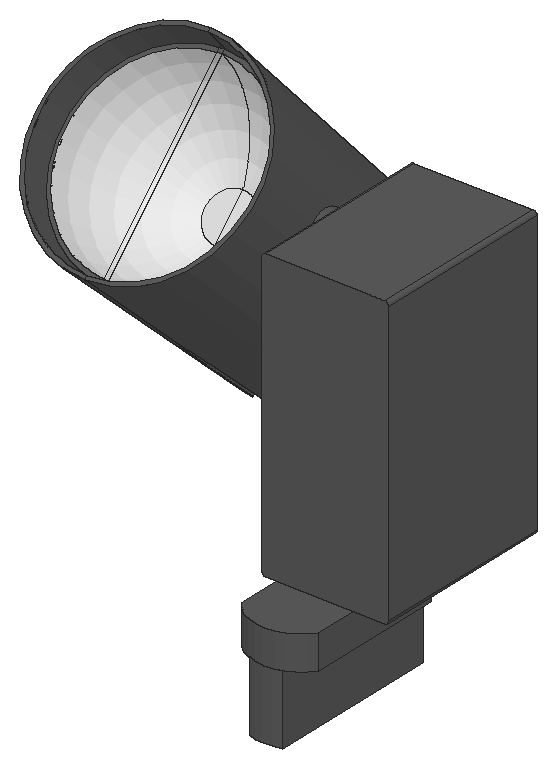
Revit family "0004847 Feilo Sylvania Lighting Fixture START TRACK SPOT S 14W 4K RA80 NB BLACK", category Lighting Fixtures, host Face, Revit 2017 (continued)
Definition of nested family "Start Track Spot Head"
  Types (96, lengths in mm): name | Wattage | built-in parameter 1150134 | Photometric Web File | Model | built-in parameter 1150105 | Lumens | built-in parameter 1150107 | built-in parameter 1150106 | HeadThickness_FEILO | HeadRibOffset_FEILO | HeadRibDepth_FEILO | HeadRibCutWidth_FEILO | HeadRibCutOffset_FEILO | HeadReflectorRadius_FEILO | HeadReflectorOffset_FEILO | HeadLEDRadius_FEILO | HeadHeight_FEILO | HeadDiffusorOffset_FEILO | HeadDiaOut_FEILO | HeadDiaIn_FEILO | HeadAxisFromTop_FEILO | Emit from Circle Diameter | built-in parameter 1150104 | Description | Apparent Load
    0004864 START TRACK SPOT S 24W 3K RA90 WB WHITE | 24 W | (empty or 0) | "0004864.ies" | "START TRACK SPOT S 24W 3K RA90 WB WHITE" | 152.79 (stored number, unit not read) | 1920 lm | 3000 (stored number, unit not read) | 1.5279 (stored number, unit not read) | 1.5 | 4.179 | 55.714 | 7.167 | 50.87 | 50.588 | 55.714 | 9.556 | 117 | 9.435 | 86 | 77.477 | 69.354 | 77.477 | 7.4322 (stored number, unit not read) | "Integrated LED spotlight, Textured White - RAL9016, compact and minimalist design, ideal for retail applications, die-cast aluminium body, passive cooling heatsink. Beam angle: 64°, color temperature: 3000K , total system power: 24W, total fixture output: 1928 lm, LOR: 100%, colour rendering: Ra: 90 typical, LED Chromaticity: 3 step MacAdam ellipse, lifetime: >50000 hours at L70B50, energy class: A++, A+, A, IR/UV free light source without heat radiation, operating voltage: 220-240V / 50-60Hz, drive current: 600mA, electronic driver, non-dimmable, power factor: 0.95, electrical protection: Class II, Global Track 3 Phase adapter suitable for Global trac 3-circuit tracks, ingress protection rating: IP20, suitable for internal environment only, horizontal rotation: 355°, vertical tilt: 90°, dimensions: Ø86x140x200, weight: 0.966kg." | 24 VA
    0004863 START TRACK SPOT S 24W 3K RA90 MB WHITE | 24 W | (empty or 0) | "0004863.ies" | "START TRACK SPOT S 24W 3K RA90 MB WHITE" | 154.7 (stored number, unit not read) | 1944 lm | 3000 (stored number, unit not read) | 1.547 (stored number, unit not read) | 1.5 | 4.179 | 55.714 | 7.167 | 50.87 | 50.588 | 55.714 | 9.556 | 117 | 9.435 | 86 | 77.477 | 69.354 | 77.477 | 7.5251 (stored number, unit not read) | "Integrated LED spotlight, Textured White - RAL9016, compact and minimalist design, ideal for retail applications, die-cast aluminium body, passive cooling heatsink. Beam angle: 36°, color temperature: 3000K , total system power: 24W, total fixture output: 1944 lm, LOR: 100%, colour rendering: Ra: 90 typical, LED Chromaticity: 3 step MacAdam ellipse, lifetime: >50000 hours at L70B50, energy class: A++, A+, A, IR/UV free light source without heat radiation, operating voltage: 220-240V / 50-60Hz, drive current: 600mA, electronic driver, non-dimmable, power factor: 0.95, electrical protection: Class II, Global Track 3 Phase adapter suitable for Global trac 3-circuit tracks, ingress protection rating: IP20, suitable for internal environment only, horizontal rotation: 355°, vertical tilt: 90°, dimensions: Ø86x140x200, weight: 0.966kg." | 24 VA
    0004862 START TRACK SPOT S 24W 3K RA90 NB WHITE | 24 W | (empty or 0) | "0004862.ies" | "START TRACK SPOT S 24W 3K RA90 NB WHITE" | 158.52 (stored number, unit not read) | 1992 lm | 3000 (stored number, unit not read) | 1.5852 (stored number, unit not read) | 1.5 | 4.179 | 55.714 | 7.167 | 50.87 | 50.588 | 55.714 | 9.556 | 117 | 9.435 | 86 | 77.477 | 69.354 | 77.477 | 7.711 (stored number, unit not read) | "Integrated LED spotlight, Textured White - RAL9016, compact and minimalist design, ideal for retail applications, die-cast aluminium body, passive cooling heatsink. Beam angle: 12°, color temperature: 3000K , total system power: 24W, total fixture output: 1987 lm, LOR: 100%, colour rendering: Ra: 90 typical, LED Chromaticity: 3 step MacAdam ellipse, lifetime: >50000 hours at L70B50, energy class: A++, A+, A, IR/UV free light source without heat radiation, operating voltage: 220-240V / 50-60Hz, drive current: 600mA, electronic driver, non-dimmable, power factor: 0.95, electrical protection: Class II, Global Track 3 Phase adapter suitable for Global trac 3-circuit tracks, ingress protection rating: IP20, suitable for internal environment only, horizontal rotation: 355°, vertical tilt: 90°, dimensions: Ø86x140x200, weight: 0.966kg." | 24 VA
    0004861 START TRACK SPOT S 14W 3K RA90 WB WHITE | 14 W | (empty or 0) | "0004861.ies" | "START TRACK SPOT S 14W 3K RA90 WB WHITE" | 100.27 (stored number, unit not read) | 1260 lm | 3000 (stored number, unit not read) | 1.0027 (stored number, unit not read) | 1.5 | 4.179 | 55.714 | 7.167 | 50.87 | 50.588 | 55.714 | 9.556 | 117 | 9.435 | 86 | 77.477 | 69.354 | 77.477 | 8.3613 (stored number, unit not read) | "Integrated LED spotlight, Textured White - RAL9016, compact and minimalist design, ideal for retail applications, die-cast aluminium body, passive cooling heatsink. Beam angle: 64°, color temperature: 3000K , total system power: 14W, total fixture output: 1262 lm, LOR: 100%, colour rendering: Ra: 90 typical, LED Chromaticity: 3 step MacAdam ellipse, lifetime: >50000 hours at L70B50, energy class: A++, A+, A, IR/UV free light source without heat radiation, operating voltage: 220-240V / 50-60Hz, drive current: 350mA, electronic driver, non-dimmable, power factor: 0.92, electrical protection: Class II, Global Track 3 Phase adapter suitable for Global trac 3-circuit tracks, ingress protection rating: IP20, suitable for internal environment only, horizontal rotation: 355°, vertical tilt: 90°, dimensions: Ø86x140x200, weight: 0.940kg." | 14 VA
    0004860 START TRACK SPOT S 14W 3K RA90 MB WHITE | 14 W | (empty or 0) | "0004860.ies" | "START TRACK SPOT S 14W 3K RA90 MB WHITE" | 100.27 (stored number, unit not read) | 1260 lm | 3000 (stored number, unit not read) | 1.0027 (stored number, unit not read) | 1.5 | 4.179 | 55.714 | 7.167 | 50.87 | 50.588 | 55.714 | 9.556 | 117 | 9.435 | 86 | 77.477 | 69.354 | 77.477 | 8.3613 (stored number, unit not read) | "Integrated LED spotlight, Textured White - RAL9016, compact and minimalist design, ideal for retail applications, die-cast aluminium body, passive cooling heatsink. Beam angle: 36°, color temperature: 3000K , total system power: 14W, total fixture output: 1262 lm, LOR: 100%, colour rendering: Ra: 90 typical, LED Chromaticity: 3 step MacAdam ellipse, lifetime: >50000 hours at L70B50, energy class: A++, A+, A, IR/UV free light source without heat radiation, operating voltage: 220-240V / 50-60Hz, drive current: 350mA, electronic driver, non-dimmable, power factor: 0.92, electrical protection: Class II, Global Track 3 Phase adapter suitable for Global trac 3-circuit tracks, ingress protection rating: IP20, suitable for internal environment only, horizontal rotation: 355°, vertical tilt: 90°, dimensions: Ø86x140x200, weight: 0.940kg." | 14 VA
    0004859 START TRACK SPOT S 14W 3K RA90 NB WHITE | 14 W | (empty or 0) | "0004859.ies" | "START TRACK SPOT S 14W 3K RA90 NB WHITE" | 102.5 (stored number, unit not read) | 1288 lm | 3000 (stored number, unit not read) | 1.025 (stored number, unit not read) | 1.5 | 4.179 | 55.714 | 7.167 | 50.87 | 50.588 | 55.714 | 9.556 | 117 | 9.435 | 86 | 77.477 | 69.354 | 77.477 | 8.5471 (stored number, unit not read) | "Integrated LED spotlight, Textured White - RAL9016, compact and minimalist design, ideal for retail applications, die-cast aluminium body, passive cooling heatsink. Beam angle: 12°, color temperature: 3000K , total system power: 14W, total fixture output: 1284 lm, LOR: 100%, colour rendering: Ra: 90 typical, LED Chromaticity: 3 step MacAdam ellipse, lifetime: >50000 hours at L70B50, energy class: A++, A+, A, IR/UV free light source without heat radiation, operating voltage: 220-240V / 50-60Hz, drive current: 350mA, electronic driver, non-dimmable, power factor: 0.92, electrical protection: Class II, Global Track 3 Phase adapter suitable for Global trac 3-circuit tracks, ingress protection rating: IP20, suitable for internal environment only, horizontal rotation: 355°, vertical tilt: 90°, dimensions: Ø86x140x200, weight: 0.940kg." | 14 VA
    0004858 START TRACK SPOT L 55W 4K RA80 WB BLACK | 55 W | 12 | "0004858.ies" | "START TRACK SPOT L 55W 4K RA80 WB BLACK" | 424.55 (stored number, unit not read) | 5335 lm | 4000 (stored number, unit not read) | 4.2455 (stored number, unit not read) | 2 | 4.429 | 59.048 | 9.417 | 53.913 | 66.471 | 59.048 | 12.556 | 124 | 10 | 113 | 101.802 | 73.503 | 101.802 | 9.0116 (stored number, unit not read) | "Integrated LED spotlight, Textured Black - RAL9005, compact and minimalist design, ideal for retail applications, die-cast aluminium body, passive cooling heatsink. Beam angle: 52°, color temperature: 4000K , total system power: 55W, total fixture output: 5320 lm, LOR: 100%, colour rendering: Ra: 80 typical, LED Chromaticity: 3 step MacAdam ellipse, lifetime: >50000 hours at L70B50, energy class: A++, A+, A, IR/UV free light source without heat radiation, operating voltage: 220-240V / 50-60Hz, drive current: 1400mA, electronic driver, non-dimmable, power factor: 0.96, electrical protection: Class II, Global Track 3 Phase adapter suitable for Global trac 3-circuit tracks, ingress protection rating: IP20, suitable for internal environment only, horizontal rotation: 355°, vertical tilt: 90°, dimensions: Ø113x164x240, weight: 1.398kg." | 55 VA
    0004857 START TRACK SPOT L 55W 4K RA80 MB BLACK | 55 W | 12 | "0004857.ies" | "START TRACK SPOT L 55W 4K RA80 MB BLACK" | 428.92 (stored number, unit not read) | 5390 lm | 4000 (stored number, unit not read) | 4.2892 (stored number, unit not read) | 2 | 4.429 | 59.048 | 9.417 | 53.913 | 66.471 | 59.048 | 12.556 | 124 | 10 | 113 | 101.802 | 73.503 | 101.802 | 9.1045 (stored number, unit not read) | "Integrated LED spotlight, Textured Black - RAL9005, compact and minimalist design, ideal for retail applications, die-cast aluminium body, passive cooling heatsink. Beam angle: 38°, color temperature: 4000K , total system power: 55W, total fixture output: 5378 lm, LOR: 100%, colour rendering: Ra: 80 typical, LED Chromaticity: 3 step MacAdam ellipse, lifetime: >50000 hours at L70B50, energy class: A++, A+, A, IR/UV free light source without heat radiation, operating voltage: 220-240V / 50-60Hz, drive current: 1400mA, electronic driver, non-dimmable, power factor: 0.96, electrical protection: Class II, Global Track 3 Phase adapter suitable for Global trac 3-circuit tracks, ingress protection rating: IP20, suitable for internal environment only, horizontal rotation: 355°, vertical tilt: 90°, dimensions: Ø113x164x240, weight: 1.398kg." | 55 VA
    0004856 START TRACK SPOT L 55W 4K RA80 NB BLACK | 55 W | 12 | "0004856.ies" | "START TRACK SPOT L 55W 4K RA80 NB BLACK" | 433.3 (stored number, unit not read) | 5445 lm | 4000 (stored number, unit not read) | 4.333 (stored number, unit not read) | 2 | 4.429 | 59.048 | 9.417 | 53.913 | 66.471 | 59.048 | 12.556 | 124 | 10 | 113 | 101.802 | 73.503 | 101.802 | 9.1974 (stored number, unit not read) | "Integrated LED spotlight, Textured Black - RAL9005, compact and minimalist design, ideal for retail applications, die-cast aluminium body, passive cooling heatsink. Beam angle: 15°, color temperature: 4000K , total system power: 55W, total fixture output: 5426 lm, LOR: 100%, colour rendering: Ra: 80 typical, LED Chromaticity: 3 step MacAdam ellipse, lifetime: >50000 hours at L70B50, energy class: A++, A+, A, IR/UV free light source without heat radiation, operating voltage: 220-240V / 50-60Hz, drive current: 1400mA, electronic driver, non-dimmable, power factor: 0.96, electrical protection: Class II, Global Track 3 Phase adapter suitable for Global trac 3-circuit tracks, ingress protection rating: IP20, suitable for internal environment only, horizontal rotation: 355°, vertical tilt: 90°, dimensions: Ø113x164x240, weight: 1.398kg." | 55 VA
    0004855 START TRACK SPOT L 35W 4K RA80 WB BLACK | 35 W | 12 | "0004855.ies" | "START TRACK SPOT L 35W 4K RA80 WB BLACK" | 320.3 (stored number, unit not read) | 4025 lm | 4000 (stored number, unit not read) | 3.203 (stored number, unit not read) | 2 | 4.429 | 59.048 | 9.417 | 53.913 | 66.471 | 59.048 | 12.556 | 124 | 10 | 113 | 101.802 | 73.503 | 101.802 | 10.684 (stored number, unit not read) | "Integrated LED spotlight, Textured Black - RAL9005, compact and minimalist design, ideal for retail applications, die-cast aluminium body, passive cooling heatsink. Beam angle: 52°, color temperature: 4000K , total system power: 35W, total fixture output: 4010 lm, LOR: 100%, colour rendering: Ra: 80 typical, LED Chromaticity: 3 step MacAdam ellipse, lifetime: >50000 hours at L70B50, energy class: A++, A+, A, IR/UV free light source without heat radiation, operating voltage: 220-240V / 50-60Hz, drive current: 900mA, electronic driver, non-dimmable, power factor: 0.93, electrical protection: Class II, Global Track 3 Phase adapter suitable for Global trac 3-circuit tracks, ingress protection rating: IP20, suitable for internal environment only, horizontal rotation: 355°, vertical tilt: 90°, dimensions: Ø113x164x240, weight: 1.368kg." | 35 VA
    0004854 START TRACK SPOT L 35W 4K RA80 MB BLACK | 35 W | 12 | "0004854.ies" | "START TRACK SPOT L 35W 4K RA80 MB BLACK" | 320.3 (stored number, unit not read) | 4025 lm | 4000 (stored number, unit not read) | 3.203 (stored number, unit not read) | 2 | 4.429 | 59.048 | 9.417 | 53.913 | 66.471 | 59.048 | 12.556 | 124 | 10 | 113 | 101.802 | 73.503 | 101.802 | 10.684 (stored number, unit not read) | "Integrated LED spotlight, Textured Black - RAL9005, compact and minimalist design, ideal for retail applications, die-cast aluminium body, passive cooling heatsink. Beam angle: 38°, color temperature: 4000K , total system power: 35W, total fixture output: 4017 lm, LOR: 100%, colour rendering: Ra: 80 typical, LED Chromaticity: 3 step MacAdam ellipse, lifetime: >50000 hours at L70B50, energy class: A++, A+, A, IR/UV free light source without heat radiation, operating voltage: 220-240V / 50-60Hz, drive current: 900mA, electronic driver, non-dimmable, power factor: 0.93, electrical protection: Class II, Global Track 3 Phase adapter suitable for Global trac 3-circuit tracks, ingress protection rating: IP20, suitable for internal environment only, horizontal rotation: 355°, vertical tilt: 90°, dimensions: Ø113x164x240, weight: 1.368kg." | 35 VA
    0004853 START TRACK SPOT L 35W 4K RA80 NB BLACK | 35 W | 12 | "0004853.ies" | "START TRACK SPOT L 35W 4K RA80 NB BLACK" | 331.44 (stored number, unit not read) | 4165 lm | 4000 (stored number, unit not read) | 3.3144 (stored number, unit not read) | 2 | 4.429 | 59.048 | 9.417 | 53.913 | 66.471 | 59.048 | 12.556 | 124 | 10 | 113 | 101.802 | 73.503 | 101.802 | 11.055 (stored number, unit not read) | "Integrated LED spotlight, Textured Black - RAL9005, compact and minimalist design, ideal for retail applications, die-cast aluminium body, passive cooling heatsink. Beam angle: 15°, color temperature: 4000K , total system power: 35W, total fixture output: 4174 lm, LOR: 100%, colour rendering: Ra: 80 typical, LED Chromaticity: 3 step MacAdam ellipse, lifetime: >50000 hours at L70B50, energy class: A++, A+, A, IR/UV free light source without heat radiation, operating voltage: 220-240V / 50-60Hz, drive current: 900mA, electronic driver, non-dimmable, power factor: 0.93, electrical protection: Class II, Global Track 3 Phase adapter suitable for Global trac 3-circuit tracks, ingress protection rating: IP20, suitable for internal environment only, horizontal rotation: 355°, vertical tilt: 90°, dimensions: Ø113x164x240, weight: 1.368kg." | 35 VA
    0004852 START TRACK SPOT S 24W 4K RA80 WB BLACK | 24 W | 12 | "0004852.ies" | "START TRACK SPOT S 24W 4K RA80 WB BLACK" | 196.72 (stored number, unit not read) | 2472 lm | 4000 (stored number, unit not read) | 1.9672 (stored number, unit not read) | 1.5 | 4.179 | 55.714 | 7.167 | 50.87 | 50.588 | 55.714 | 9.556 | 117 | 9.435 | 86 | 77.477 | 69.354 | 77.477 | 9.569 (stored number, unit not read) | "Integrated LED spotlight, Textured Black - RAL9005, compact and minimalist design, ideal for retail applications, die-cast aluminium body, passive cooling heatsink. Beam angle: 64°, color temperature: 4000K , total system power: 24W, total fixture output: 2476 lm, LOR: 100%, colour rendering: Ra: 80 typical, LED Chromaticity: 3 step MacAdam ellipse, lifetime: >50000 hours at L70B50, energy class: A++, A+, A, IR/UV free light source without heat radiation, operating voltage: 220-240V / 50-60Hz, drive current: 600mA, electronic driver, non-dimmable, power factor: 0.95, electrical protection: Class II, Global Track 3 Phase adapter suitable for Global trac 3-circuit tracks, ingress protection rating: IP20, suitable for internal environment only, horizontal rotation: 355°, vertical tilt: 90°, dimensions: Ø86x140x200, weight: 0.966kg." | 24 VA
    0004851 START TRACK SPOT S 24W 4K RA80 MB BLACK | 24 W | 12 | "0004851.ies" | "START TRACK SPOT S 24W 4K RA80 MB BLACK" | 198.63 (stored number, unit not read) | 2496 lm | 4000 (stored number, unit not read) | 1.9863 (stored number, unit not read) | 1.5 | 4.179 | 55.714 | 7.167 | 50.87 | 50.588 | 55.714 | 9.556 | 117 | 9.435 | 86 | 77.477 | 69.354 | 77.477 | 9.6619 (stored number, unit not read) | "Integrated LED spotlight, Textured Black - RAL9005, compact and minimalist design, ideal for retail applications, die-cast aluminium body, passive cooling heatsink. Beam angle: 36°, color temperature: 4000K , total system power: 24W, total fixture output: 2487 lm, LOR: 100%, colour rendering: Ra: 80 typical, LED Chromaticity: 3 step MacAdam ellipse, lifetime: >50000 hours at L70B50, energy class: A++, A+, A, IR/UV free light source without heat radiation, operating voltage: 220-240V / 50-60Hz, drive current: 600mA, electronic driver, non-dimmable, power factor: 0.95, electrical protection: Class II, Global Track 3 Phase adapter suitable for Global trac 3-circuit tracks, ingress protection rating: IP20, suitable for internal environment only, horizontal rotation: 355°, vertical tilt: 90°, dimensions: Ø86x140x200, weight: 0.966kg." | 24 VA
    0004850 START TRACK SPOT S 24W 4K RA80 NB BLACK | 24 W | 12 | "0004850.ies" | "START TRACK SPOT S 24W 4K RA80 NB BLACK" | 200.54 (stored number, unit not read) | 2520 lm | 4000 (stored number, unit not read) | 2.0054 (stored number, unit not read) | 1.5 | 4.179 | 55.714 | 7.167 | 50.87 | 50.588 | 55.714 | 9.556 | 117 | 9.435 | 86 | 77.477 | 69.354 | 77.477 | 9.7548 (stored number, unit not read) | "Integrated LED spotlight, Textured Black - RAL9005, compact and minimalist design, ideal for retail applications, die-cast aluminium body, passive cooling heatsink. Beam angle: 12°, color temperature: 4000K , total system power: 24W, total fixture output: 2529 lm, LOR: 100%, colour rendering: Ra: 80 typical, LED Chromaticity: 3 step MacAdam ellipse, lifetime: >50000 hours at L70B50, energy class: A++, A+, A, IR/UV free light source without heat radiation, operating voltage: 220-240V / 50-60Hz, drive current: 600mA, electronic driver, non-dimmable, power factor: 0.95, electrical protection: Class II, Global Track 3 Phase adapter suitable for Global trac 3-circuit tracks, ingress protection rating: IP20, suitable for internal environment only, horizontal rotation: 355°, vertical tilt: 90°, dimensions: Ø86x140x200, weight: 0.966kg." | 24 VA
    0004849 START TRACK SPOT S 14W 4K RA80 WB BLACK | 14 W | 12 | "0004849.ies" | "START TRACK SPOT S 14W 4K RA80 WB BLACK" | 123.66 (stored number, unit not read) | 1554 lm | 4000 (stored number, unit not read) | 1.2366 (stored number, unit not read) | 1.5 | 4.179 | 55.714 | 7.167 | 50.87 | 50.588 | 55.714 | 9.556 | 117 | 9.435 | 86 | 77.477 | 69.354 | 77.477 | 10.312 (stored number, unit not read) | "Integrated LED spotlight, Textured Black - RAL9005, compact and minimalist design, ideal for retail applications, die-cast aluminium body, passive cooling heatsink. Beam angle: 64°, color temperature: 4000K , total system power: 14W, total fixture output: 1558 lm, LOR: 100%, colour rendering: Ra: 80 typical, LED Chromaticity: 3 step MacAdam ellipse, lifetime: >50000 hours at L70B50, energy class: A++, A+, A, IR/UV free light source without heat radiation, operating voltage: 220-240V / 50-60Hz, drive current: 350mA, electronic driver, non-dimmable, power factor: 0.92, electrical protection: Class II, Global Track 3 Phase adapter suitable for Global trac 3-circuit tracks, ingress protection rating: IP20, suitable for internal environment only, horizontal rotation: 355°, vertical tilt: 90°, dimensions: Ø86x140x200, weight: 0.940kg." | 14 VA
    0004848 START TRACK SPOT S 14W 4K RA80 MB BLACK | 14 W | 12 | "0004848.ies" | "START TRACK SPOT S 14W 4K RA80 MB BLACK" | 127.01 (stored number, unit not read) | 1596 lm | 4000 (stored number, unit not read) | 1.2701 (stored number, unit not read) | 1.5 | 4.179 | 55.714 | 7.167 | 50.87 | 50.588 | 55.714 | 9.556 | 117 | 9.435 | 86 | 77.477 | 69.354 | 77.477 | 10.591 (stored number, unit not read) | "Integrated LED spotlight, Textured Black - RAL9005, compact and minimalist design, ideal for retail applications, die-cast aluminium body, passive cooling heatsink. Beam angle: 36°, color temperature: 4000K , total system power: 14W, total fixture output: 1598 lm, LOR: 100%, colour rendering: Ra: 80 typical, LED Chromaticity: 3 step MacAdam ellipse, lifetime: >50000 hours at L70B50, energy class: A++, A+, A, IR/UV free light source without heat radiation, operating voltage: 220-240V / 50-60Hz, drive current: 350mA, electronic driver, non-dimmable, power factor: 0.92, electrical protection: Class II, Global Track 3 Phase adapter suitable for Global trac 3-circuit tracks, ingress protection rating: IP20, suitable for internal environment only, horizontal rotation: 355°, vertical tilt: 90°, dimensions: Ø86x140x200, weight: 0.940kg." | 14 VA
    0004847 START TRACK SPOT S 14W 4K RA80 NB BLACK | 14 W | 12 | "0004847.ies" | "START TRACK SPOT S 14W 4K RA80 NB BLACK" | 128.12 (stored number, unit not read) | 1610 lm | 4000 (stored number, unit not read) | 1.2812 (stored number, unit not read) | 1.5 | 4.179 | 55.714 | 7.167 | 50.87 | 50.588 | 55.714 | 9.556 | 117 | 9.435 | 86 | 77.477 | 69.354 | 77.477 | 10.684 (stored number, unit not read) | "Integrated LED spotlight, Textured Black - RAL9005, compact and minimalist design, ideal for retail applications, die-cast aluminium body, passive cooling heatsink. Beam angle: 12°, color temperature: 4000K , total system power: 14W, total fixture output: 1608 lm, LOR: 100%, colour rendering: Ra: 80 typical, LED Chromaticity: 3 step MacAdam ellipse, lifetime: >50000 hours at L70B50, energy class: A++, A+, A, IR/UV free light source without heat radiation, operating voltage: 220-240V / 50-60Hz, drive current: 350mA, electronic driver, non-dimmable, power factor: 0.92, electrical protection: Class II, Global Track 3 Phase adapter suitable for Global trac 3-circuit tracks, ingress protection rating: IP20, suitable for internal environment only, horizontal rotation: 355°, vertical tilt: 90°, dimensions: Ø86x140x200, weight: 0.940kg." | 14 VA
    0004846 START TRACK SPOT L 55W 3K RA80 WB BLACK | 55 W | (empty or 0) | "0004846.ies" | "START TRACK SPOT L 55W 3K RA80 WB BLACK" | 420.17 (stored number, unit not read) | 5280 lm | 3000 (stored number, unit not read) | 4.2017 (stored number, unit not read) | 2 | 4.429 | 59.048 | 9.417 | 53.913 | 66.471 | 59.048 | 12.556 | 124 | 10 | 113 | 101.802 | 73.503 | 101.802 | 8.9187 (stored number, unit not read) | "Integrated LED spotlight, Textured Black - RAL9005, compact and minimalist design, ideal for retail applications, die-cast aluminium body, passive cooling heatsink. Beam angle: 52°, color temperature: 3000K , total system power: 55W, total fixture output: 5298 lm, LOR: 100%, colour rendering: Ra: 80 typical, LED Chromaticity: 3 step MacAdam ellipse, lifetime: >50000 hours at L70B50, energy class: A++, A+, A, IR/UV free light source without heat radiation, operating voltage: 220-240V / 50-60Hz, drive current: 1400mA, electronic driver, non-dimmable, power factor: 0.96, electrical protection: Class II, Global Track 3 Phase adapter suitable for Global trac 3-circuit tracks, ingress protection rating: IP20, suitable for internal environment only, horizontal rotation: 355°, vertical tilt: 90°, dimensions: Ø113x164x240, weight: 1.398kg." | 55 VA
    0004845 START TRACK SPOT L 55W 3K RA80 MB BLACK | 55 W | (empty or 0) | "0004845.ies" | "START TRACK SPOT L 55W 3K RA80 MB BLACK" | 428.92 (stored number, unit not read) | 5390 lm | 3000 (stored number, unit not read) | 4.2892 (stored number, unit not read) | 2 | 4.429 | 59.048 | 9.417 | 53.913 | 66.471 | 59.048 | 12.556 | 124 | 10 | 113 | 101.802 | 73.503 | 101.802 | 9.1045 (stored number, unit not read) | "Integrated LED spotlight, Textured Black - RAL9005, compact and minimalist design, ideal for retail applications, die-cast aluminium body, passive cooling heatsink. Beam angle: 38°, color temperature: 3000K , total system power: 55W, total fixture output: 5381 lm, LOR: 100%, colour rendering: Ra: 80 typical, LED Chromaticity: 3 step MacAdam ellipse, lifetime: >50000 hours at L70B50, energy class: A++, A+, A, IR/UV free light source without heat radiation, operating voltage: 220-240V / 50-60Hz, drive current: 1400mA, electronic driver, non-dimmable, power factor: 0.96, electrical protection: Class II, Global Track 3 Phase adapter suitable for Global trac 3-circuit tracks, ingress protection rating: IP20, suitable for internal environment only, horizontal rotation: 355°, vertical tilt: 90°, dimensions: Ø113x164x240, weight: 1.398kg." | 55 VA
    0004844 START TRACK SPOT L 55W 3K RA80 NB BLACK | 55 W | (empty or 0) | "0004844.ies" | "START TRACK SPOT L 55W 3K RA80 NB BLACK" | 433.3 (stored number, unit not read) | 5445 lm | 3000 (stored number, unit not read) | 4.333 (stored number, unit not read) | 2 | 4.429 | 59.048 | 9.417 | 53.913 | 66.471 | 59.048 | 12.556 | 124 | 10 | 113 | 101.802 | 73.503 | 101.802 | 9.1974 (stored number, unit not read) | "Integrated LED spotlight, Textured Black - RAL9005, compact and minimalist design, ideal for retail applications, die-cast aluminium body, passive cooling heatsink. Beam angle: 15°, color temperature: 3000K , total system power: 55W, total fixture output: 5449 lm, LOR: 100%, colour rendering: Ra: 80 typical, LED Chromaticity: 3 step MacAdam ellipse, lifetime: >50000 hours at L70B50, energy class: A++, A+, A, IR/UV free light source without heat radiation, operating voltage: 220-240V / 50-60Hz, drive current: 1400mA, electronic driver, non-dimmable, power factor: 0.96, electrical protection: Class II, Global Track 3 Phase adapter suitable for Global trac 3-circuit tracks, ingress protection rating: IP20, suitable for internal environment only, horizontal rotation: 355°, vertical tilt: 90°, dimensions: Ø113x164x240, weight: 1.398kg." | 55 VA
    0004843 START TRACK SPOT L 35W 3K RA80 WB BLACK | 35 W | (empty or 0) | "0004843.ies" | "START TRACK SPOT L 35W 3K RA80 WB BLACK" | 314.73 (stored number, unit not read) | 3955 lm | 3000 (stored number, unit not read) | 3.1473 (stored number, unit not read) | 2 | 4.429 | 59.048 | 9.417 | 53.913 | 66.471 | 59.048 | 12.556 | 124 | 10 | 113 | 101.802 | 73.503 | 101.802 | 10.498 (stored number, unit not read) | "Integrated LED spotlight, Textured Black - RAL9005, compact and minimalist design, ideal for retail applications, die-cast aluminium body, passive cooling heatsink. Beam angle: 52°, color temperature: 3000K , total system power: 35W, total fixture output: 3943 lm, LOR: 100%, colour rendering: Ra: 80 typical, LED Chromaticity: 3 step MacAdam ellipse, lifetime: >50000 hours at L70B50, energy class: A++, A+, A, IR/UV free light source without heat radiation, operating voltage: 220-240V / 50-60Hz, drive current: 900mA, electronic driver, non-dimmable, power factor: 0.93, electrical protection: Class II, Global Track 3 Phase adapter suitable for Global trac 3-circuit tracks, ingress protection rating: IP20, suitable for internal environment only, horizontal rotation: 355°, vertical tilt: 90°, dimensions: Ø113x164x240, weight: 1.368kg." | 35 VA
    0004842 START TRACK SPOT L 35W 3K RA80 MB BLACK | 35 W | (empty or 0) | "0004842.ies" | "START TRACK SPOT L 35W 3K RA80 MB BLACK" | 320.3 (stored number, unit not read) | 4025 lm | 3000 (stored number, unit not read) | 3.203 (stored number, unit not read) | 2 | 4.429 | 59.048 | 9.417 | 53.913 | 66.471 | 59.048 | 12.556 | 124 | 10 | 113 | 101.802 | 73.503 | 101.802 | 10.684 (stored number, unit not read) | "Integrated LED spotlight, Textured Black - RAL9005, compact and minimalist design, ideal for retail applications, die-cast aluminium body, passive cooling heatsink. Beam angle: 38°, color temperature: 3000K , total system power: 35W, total fixture output: 4008 lm, LOR: 100%, colour rendering: Ra: 80 typical, LED Chromaticity: 3 step MacAdam ellipse, lifetime: >50000 hours at L70B50, energy class: A++, A+, A, IR/UV free light source without heat radiation, operating voltage: 220-240V / 50-60Hz, drive current: 900mA, electronic driver, non-dimmable, power factor: 0.93, electrical protection: Class II, Global Track 3 Phase adapter suitable for Global trac 3-circuit tracks, ingress protection rating: IP20, suitable for internal environment only, horizontal rotation: 355°, vertical tilt: 90°, dimensions: Ø113x164x240, weight: 1.368kg." | 35 VA
    0004841 START TRACK SPOT L 35W 3K RA80 NB BLACK | 35 W | (empty or 0) | "0004841.ies" | "START TRACK SPOT L 35W 3K RA80 NB BLACK" | 317.51 (stored number, unit not read) | 3990 lm | 3000 (stored number, unit not read) | 3.1751 (stored number, unit not read) | 2 | 4.429 | 59.048 | 9.417 | 53.913 | 66.471 | 59.048 | 12.556 | 124 | 10 | 113 | 101.802 | 73.503 | 101.802 | 10.591 (stored number, unit not read) | "Integrated LED spotlight, Textured Black - RAL9005, compact and minimalist design, ideal for retail applications, die-cast aluminium body, passive cooling heatsink. Beam angle: 15°, color temperature: 3000K , total system power: 35W, total fixture output: 4005 lm, LOR: 100%, colour rendering: Ra: 80 typical, LED Chromaticity: 3 step MacAdam ellipse, lifetime: >50000 hours at L70B50, energy class: A++, A+, A, IR/UV free light source without heat radiation, operating voltage: 220-240V / 50-60Hz, drive current: 900mA, electronic driver, non-dimmable, power factor: 0.93, electrical protection: Class II, Global Track 3 Phase adapter suitable for Global trac 3-circuit tracks, ingress protection rating: IP20, suitable for internal environment only, horizontal rotation: 355°, vertical tilt: 90°, dimensions: Ø113x164x240, weight: 1.368kg." | 35 VA
    0004840 START TRACK SPOT S 24W 3K RA80 WB BLACK | 24 W | (empty or 0) | "0004840.ies" | "START TRACK SPOT S 24W 3K RA80 WB BLACK" | 185.26 (stored number, unit not read) | 2328 lm | 3000 (stored number, unit not read) | 1.8526 (stored number, unit not read) | 1.5 | 4.179 | 55.714 | 7.167 | 50.87 | 50.588 | 55.714 | 9.556 | 117 | 9.435 | 86 | 77.477 | 69.354 | 77.477 | 9.0116 (stored number, unit not read) | "Integrated LED spotlight, Textured Black - RAL9005, compact and minimalist design, ideal for retail applications, die-cast aluminium body, passive cooling heatsink. Beam angle: 64°, color temperature: 3000K , total system power: 24W, total fixture output: 2318 lm, LOR: 100%, colour rendering: Ra: 80 typical, LED Chromaticity: 3 step MacAdam ellipse, lifetime: >50000 hours at L70B50, energy class: A++, A+, A, IR/UV free light source without heat radiation, operating voltage: 220-240V / 50-60Hz, drive current: 600mA, electronic driver, non-dimmable, power factor: 0.95, electrical protection: Class II, Global Track 3 Phase adapter suitable for Global trac 3-circuit tracks, ingress protection rating: IP20, suitable for internal environment only, horizontal rotation: 355°, vertical tilt: 90°, dimensions: Ø86x140x200, weight: 0.966kg." | 24 VA
    0004839 START TRACK SPOT S 24W 3K RA80 MB BLACK | 24 W | (empty or 0) | "0004839.ies" | "START TRACK SPOT S 24W 3K RA80 MB BLACK" | 183.35 (stored number, unit not read) | 2304 lm | 3000 (stored number, unit not read) | 1.8335 (stored number, unit not read) | 1.5 | 4.179 | 55.714 | 7.167 | 50.87 | 50.588 | 55.714 | 9.556 | 117 | 9.435 | 86 | 77.477 | 69.354 | 77.477 | 8.9187 (stored number, unit not read) | "Integrated LED spotlight, Textured Black - RAL9005, compact and minimalist design, ideal for retail applications, die-cast aluminium body, passive cooling heatsink. Beam angle: 36°, color temperature: 3000K , total system power: 24W, total fixture output: 2314 lm, LOR: 100%, colour rendering: Ra: 80 typical, LED Chromaticity: 3 step MacAdam ellipse, lifetime: >50000 hours at L70B50, energy class: A++, A+, A, IR/UV free light source without heat radiation, operating voltage: 220-240V / 50-60Hz, drive current: 600mA, electronic driver, non-dimmable, power factor: 0.95, electrical protection: Class II, Global Track 3 Phase adapter suitable for Global trac 3-circuit tracks, ingress protection rating: IP20, suitable for internal environment only, horizontal rotation: 355°, vertical tilt: 90°, dimensions: Ø86x140x200, weight: 0.966kg." | 24 VA
    0004838 START TRACK SPOT S 24W 3K RA80 NB BLACK | 24 W | (empty or 0) | "0004838.ies" | "START TRACK SPOT S 24W 3K RA80 NB BLACK" | 185.26 (stored number, unit not read) | 2328 lm | 3000 (stored number, unit not read) | 1.8526 (stored number, unit not read) | 1.5 | 4.179 | 55.714 | 7.167 | 50.87 | 50.588 | 55.714 | 9.556 | 117 | 9.435 | 86 | 77.477 | 69.354 | 77.477 | 9.0116 (stored number, unit not read) | "Integrated LED spotlight, Textured Black - RAL9005, compact and minimalist design, ideal for retail applications, die-cast aluminium body, passive cooling heatsink. Beam angle: 12°, color temperature: 3000K , total system power: 24W, total fixture output: 2334 lm, LOR: 100%, colour rendering: Ra: 80 typical, LED Chromaticity: 3 step MacAdam ellipse, lifetime: >50000 hours at L70B50, energy class: A++, A+, A, IR/UV free light source without heat radiation, operating voltage: 220-240V / 50-60Hz, drive current: 600mA, electronic driver, non-dimmable, power factor: 0.95, electrical protection: Class II, Global Track 3 Phase adapter suitable for Global trac 3-circuit tracks, ingress protection rating: IP20, suitable for internal environment only, horizontal rotation: 355°, vertical tilt: 90°, dimensions: Ø86x140x200, weight: 0.966kg." | 24 VA
    0004837 START TRACK SPOT S 14W 3K RA80 WB BLACK | 14 W | (empty or 0) | "0004837.ies" | "START TRACK SPOT S 14W 3K RA80 WB BLACK" | 119.21 (stored number, unit not read) | 1498 lm | 3000 (stored number, unit not read) | 1.1921 (stored number, unit not read) | 1.5 | 4.179 | 55.714 | 7.167 | 50.87 | 50.588 | 55.714 | 9.556 | 117 | 9.435 | 86 | 77.477 | 69.354 | 77.477 | 9.9406 (stored number, unit not read) | "Integrated LED spotlight, Textured Black - RAL9005, compact and minimalist design, ideal for retail applications, die-cast aluminium body, passive cooling heatsink. Beam angle: 64°, color temperature: 3000K , total system power: 14W, total fixture output: 1498 lm, LOR: 100%, colour rendering: Ra: 80 typical, LED Chromaticity: 3 step MacAdam ellipse, lifetime: >50000 hours at L70B50, energy class: A++, A+, A, IR/UV free light source without heat radiation, operating voltage: 220-240V / 50-60Hz, drive current: 350mA, electronic driver, non-dimmable, power factor: 0.92, electrical protection: Class II, Global Track 3 Phase adapter suitable for Global trac 3-circuit tracks, ingress protection rating: IP20, suitable for internal environment only, horizontal rotation: 355°, vertical tilt: 90°, dimensions: Ø86x140x200, weight: 0.940kg." | 14 VA
    0004836 START TRACK SPOT S 14W 3K RA80 MB BLACK | 14 W | (empty or 0) | "0004836.ies" | "START TRACK SPOT S 14W 3K RA80 MB BLACK" | 120.32 (stored number, unit not read) | 1512 lm | 3000 (stored number, unit not read) | 1.2032 (stored number, unit not read) | 1.5 | 4.179 | 55.714 | 7.167 | 50.87 | 50.588 | 55.714 | 9.556 | 117 | 9.435 | 86 | 77.477 | 69.354 | 77.477 | 10.034 (stored number, unit not read) | "Integrated LED spotlight, Textured Black - RAL9005, compact and minimalist design, ideal for retail applications, die-cast aluminium body, passive cooling heatsink. Beam angle: 36°, color temperature: 3000K , total system power: 14W, total fixture output: 1508 lm, LOR: 100%, colour rendering: Ra: 80 typical, LED Chromaticity: 3 step MacAdam ellipse, lifetime: >50000 hours at L70B50, energy class: A++, A+, A, IR/UV free light source without heat radiation, operating voltage: 220-240V / 50-60Hz, drive current: 350mA, electronic driver, non-dimmable, power factor: 0.92, electrical protection: Class II, Global Track 3 Phase adapter suitable for Global trac 3-circuit tracks, ingress protection rating: IP20, suitable for internal environment only, horizontal rotation: 355°, vertical tilt: 90°, dimensions: Ø86x140x200, weight: 0.940kg." | 14 VA
    0004835 START TRACK SPOT S 14W 3K RA80 NB BLACK | 14 W | (empty or 0) | "0004835.ies" | "START TRACK SPOT S 14W 3K RA80 NB BLACK" | 123.66 (stored number, unit not read) | 1554 lm | 3000 (stored number, unit not read) | 1.2366 (stored number, unit not read) | 1.5 | 4.179 | 55.714 | 7.167 | 50.87 | 50.588 | 55.714 | 9.556 | 117 | 9.435 | 86 | 77.477 | 69.354 | 77.477 | 10.312 (stored number, unit not read) | "Integrated LED spotlight, Textured Black - RAL9005, compact and minimalist design, ideal for retail applications, die-cast aluminium body, passive cooling heatsink. Beam angle: 12°, color temperature: 3000K , total system power: 14W, total fixture output: 1551 lm, LOR: 100%, colour rendering: Ra: 80 typical, LED Chromaticity: 3 step MacAdam ellipse, lifetime: >50000 hours at L70B50, energy class: A++, A+, A, IR/UV free light source without heat radiation, operating voltage: 220-240V / 50-60Hz, drive current: 350mA, electronic driver, non-dimmable, power factor: 0.92, electrical protection: Class II, Global Track 3 Phase adapter suitable for Global trac 3-circuit tracks, ingress protection rating: IP20, suitable for internal environment only, horizontal rotation: 355°, vertical tilt: 90°, dimensions: Ø86x140x200, weight: 0.940kg." | 14 VA
    0004834 START TRACK SPOT L 55W 4K RA80 WB WHITE | 55 W | 12 | "0004834.ies" | "START TRACK SPOT L 55W 4K RA80 WB WHITE" | 424.55 (stored number, unit not read) | 5335 lm | 4000 (stored number, unit not read) | 4.2455 (stored number, unit not read) | 2 | 4.429 | 59.048 | 9.417 | 53.913 | 66.471 | 59.048 | 12.556 | 124 | 10 | 113 | 101.802 | 73.503 | 101.802 | 9.0116 (stored number, unit not read) | "Integrated LED spotlight, Textured White - RAL9016, compact and minimalist design, ideal for retail applications, die-cast aluminium body, passive cooling heatsink. Beam angle: 52°, color temperature: 4000K , total system power: 55W, total fixture output: 5320 lm, LOR: 100%, colour rendering: Ra: 80 typical, LED Chromaticity: 3 step MacAdam ellipse, lifetime: >50000 hours at L70B50, energy class: A++, A+, A, IR/UV free light source without heat radiation, operating voltage: 220-240V / 50-60Hz, drive current: 1400mA, electronic driver, non-dimmable, power factor: 0.96, electrical protection: Class II, Global Track 3 Phase adapter suitable for Global trac 3-circuit tracks, ingress protection rating: IP20, suitable for internal environment only, horizontal rotation: 355°, vertical tilt: 90°, dimensions: Ø113x164x240, weight: 1.398kg." | 55 VA
    0004833 START TRACK SPOT L 55W 4K RA80 MB WHITE | 55 W | 12 | "0004833.ies" | "START TRACK SPOT L 55W 4K RA80 MB WHITE" | 428.92 (stored number, unit not read) | 5390 lm | 4000 (stored number, unit not read) | 4.2892 (stored number, unit not read) | 2 | 4.429 | 59.048 | 9.417 | 53.913 | 66.471 | 59.048 | 12.556 | 124 | 10 | 113 | 101.802 | 73.503 | 101.802 | 9.1045 (stored number, unit not read) | "Integrated LED spotlight, Textured White - RAL9016, compact and minimalist design, ideal for retail applications, die-cast aluminium body, passive cooling heatsink. Beam angle: 38°, color temperature: 4000K , total system power: 55W, total fixture output: 5378 lm, LOR: 100%, colour rendering: Ra: 80 typical, LED Chromaticity: 3 step MacAdam ellipse, lifetime: >50000 hours at L70B50, energy class: A++, A+, A, IR/UV free light source without heat radiation, operating voltage: 220-240V / 50-60Hz, drive current: 1400mA, electronic driver, non-dimmable, power factor: 0.96, electrical protection: Class II, Global Track 3 Phase adapter suitable for Global trac 3-circuit tracks, ingress protection rating: IP20, suitable for internal environment only, horizontal rotation: 355°, vertical tilt: 90°, dimensions: Ø113x164x240, weight: 1.398kg." | 55 VA
    0004832 START TRACK SPOT L 55W 4K RA80 NB WHITE | 55 W | 12 | "0004832.ies" | "START TRACK SPOT L 55W 4K RA80 NB WHITE" | 433.3 (stored number, unit not read) | 5445 lm | 4000 (stored number, unit not read) | 4.333 (stored number, unit not read) | 2 | 4.429 | 59.048 | 9.417 | 53.913 | 66.471 | 59.048 | 12.556 | 124 | 10 | 113 | 101.802 | 73.503 | 101.802 | 9.1974 (stored number, unit not read) | "Integrated LED spotlight, Textured White - RAL9016, compact and minimalist design, ideal for retail applications, die-cast aluminium body, passive cooling heatsink. Beam angle: 15°, color temperature: 4000K , total system power: 55W, total fixture output: 5426 lm, LOR: 100%, colour rendering: Ra: 80 typical, LED Chromaticity: 3 step MacAdam ellipse, lifetime: >50000 hours at L70B50, energy class: A++, A+, A, IR/UV free light source without heat radiation, operating voltage: 220-240V / 50-60Hz, drive current: 1400mA, electronic driver, non-dimmable, power factor: 0.96, electrical protection: Class II, Global Track 3 Phase adapter suitable for Global trac 3-circuit tracks, ingress protection rating: IP20, suitable for internal environment only, horizontal rotation: 355°, vertical tilt: 90°, dimensions: Ø113x164x240, weight: 1.398kg." | 55 VA
    0004831 START TRACK SPOT L 35W 4K RA80 WB WHITE | 35 W | 12 | "0004831.ies" | "START TRACK SPOT L 35W 4K RA80 WB WHITE" | 320.3 (stored number, unit not read) | 4025 lm | 4000 (stored number, unit not read) | 3.203 (stored number, unit not read) | 2 | 4.429 | 59.048 | 9.417 | 53.913 | 66.471 | 59.048 | 12.556 | 124 | 10 | 113 | 101.802 | 73.503 | 101.802 | 10.684 (stored number, unit not read) | "Integrated LED spotlight, Textured White - RAL9016, compact and minimalist design, ideal for retail applications, die-cast aluminium body, passive cooling heatsink. Beam angle: 52°, color temperature: 4000K , total system power: 35W, total fixture output: 4010 lm, LOR: 100%, colour rendering: Ra: 80 typical, LED Chromaticity: 3 step MacAdam ellipse, lifetime: >50000 hours at L70B50, energy class: A++, A+, A, IR/UV free light source without heat radiation, operating voltage: 220-240V / 50-60Hz, drive current: 900mA, electronic driver, non-dimmable, power factor: 0.93, electrical protection: Class II, Global Track 3 Phase adapter suitable for Global trac 3-circuit tracks, ingress protection rating: IP20, suitable for internal environment only, horizontal rotation: 355°, vertical tilt: 90°, dimensions: Ø113x164x240, weight: 1.368kg." | 35 VA
    0004830 START TRACK SPOT L 35W 4K RA80 MB WHITE | 35 W | 12 | "0004830.ies" | "START TRACK SPOT L 35W 4K RA80 MB WHITE" | 320.3 (stored number, unit not read) | 4025 lm | 4000 (stored number, unit not read) | 3.203 (stored number, unit not read) | 2 | 4.429 | 59.048 | 9.417 | 53.913 | 66.471 | 59.048 | 12.556 | 124 | 10 | 113 | 101.802 | 73.503 | 101.802 | 10.684 (stored number, unit not read) | "Integrated LED spotlight, Textured White - RAL9016, compact and minimalist design, ideal for retail applications, die-cast aluminium body, passive cooling heatsink. Beam angle: 38°, color temperature: 4000K , total system power: 35W, total fixture output: 4017 lm, LOR: 100%, colour rendering: Ra: 80 typical, LED Chromaticity: 3 step MacAdam ellipse, lifetime: >50000 hours at L70B50, energy class: A++, A+, A, IR/UV free light source without heat radiation, operating voltage: 220-240V / 50-60Hz, drive current: 900mA, electronic driver, non-dimmable, power factor: 0.93, electrical protection: Class II, Global Track 3 Phase adapter suitable for Global trac 3-circuit tracks, ingress protection rating: IP20, suitable for internal environment only, horizontal rotation: 355°, vertical tilt: 90°, dimensions: Ø113x164x240, weight: 1.368kg." | 35 VA
    0004829 START TRACK SPOT L 35W 4K RA80 NB WHITE | 35 W | 12 | "0004829.ies" | "START TRACK SPOT L 35W 4K RA80 NB WHITE" | 331.44 (stored number, unit not read) | 4165 lm | 4000 (stored number, unit not read) | 3.3144 (stored number, unit not read) | 2 | 4.429 | 59.048 | 9.417 | 53.913 | 66.471 | 59.048 | 12.556 | 124 | 10 | 113 | 101.802 | 73.503 | 101.802 | 11.055 (stored number, unit not read) | "Integrated LED spotlight, Textured White - RAL9016, compact and minimalist design, ideal for retail applications, die-cast aluminium body, passive cooling heatsink. Beam angle: 15°, color temperature: 4000K , total system power: 35W, total fixture output: 4174 lm, LOR: 100%, colour rendering: Ra: 80 typical, LED Chromaticity: 3 step MacAdam ellipse, lifetime: >50000 hours at L70B50, energy class: A++, A+, A, IR/UV free light source without heat radiation, operating voltage: 220-240V / 50-60Hz, drive current: 900mA, electronic driver, non-dimmable, power factor: 0.93, electrical protection: Class II, Global Track 3 Phase adapter suitable for Global trac 3-circuit tracks, ingress protection rating: IP20, suitable for internal environment only, horizontal rotation: 355°, vertical tilt: 90°, dimensions: Ø113x164x240, weight: 1.368kg." | 35 VA
    0004828 START TRACK SPOT S 24W 4K RA80 WB WHITE | 24 W | 12 | "0004828.ies" | "START TRACK SPOT S 24W 4K RA80 WB WHITE" | 196.72 (stored number, unit not read) | 2472 lm | 4000 (stored number, unit not read) | 1.9672 (stored number, unit not read) | 1.5 | 4.179 | 55.714 | 7.167 | 50.87 | 50.588 | 55.714 | 9.556 | 117 | 9.435 | 86 | 77.477 | 69.354 | 77.477 | 9.569 (stored number, unit not read) | "Integrated LED spotlight, Textured White - RAL9016, compact and minimalist design, ideal for retail applications, die-cast aluminium body, passive cooling heatsink. Beam angle: 64°, color temperature: 4000K , total system power: 24W, total fixture output: 2476 lm, LOR: 100%, colour rendering: Ra: 80 typical, LED Chromaticity: 3 step MacAdam ellipse, lifetime: >50000 hours at L70B50, energy class: A++, A+, A, IR/UV free light source without heat radiation, operating voltage: 220-240V / 50-60Hz, drive current: 600mA, electronic driver, non-dimmable, power factor: 0.95, electrical protection: Class II, Global Track 3 Phase adapter suitable for Global trac 3-circuit tracks, ingress protection rating: IP20, suitable for internal environment only, horizontal rotation: 355°, vertical tilt: 90°, dimensions: Ø86x140x200, weight: 0.966kg." | 24 VA
    0004827 START TRACK SPOT S 24W 4K RA80 MB WHITE | 24 W | 12 | "0004827.ies" | "START TRACK SPOT S 24W 4K RA80 MB WHITE" | 198.63 (stored number, unit not read) | 2496 lm | 4000 (stored number, unit not read) | 1.9863 (stored number, unit not read) | 1.5 | 4.179 | 55.714 | 7.167 | 50.87 | 50.588 | 55.714 | 9.556 | 117 | 9.435 | 86 | 77.477 | 69.354 | 77.477 | 9.6619 (stored number, unit not read) | "Integrated LED spotlight, Textured White - RAL9016, compact and minimalist design, ideal for retail applications, die-cast aluminium body, passive cooling heatsink. Beam angle: 36°, color temperature: 4000K , total system power: 24W, total fixture output: 2487 lm, LOR: 100%, colour rendering: Ra: 80 typical, LED Chromaticity: 3 step MacAdam ellipse, lifetime: >50000 hours at L70B50, energy class: A++, A+, A, IR/UV free light source without heat radiation, operating voltage: 220-240V / 50-60Hz, drive current: 600mA, electronic driver, non-dimmable, power factor: 0.95, electrical protection: Class II, Global Track 3 Phase adapter suitable for Global trac 3-circuit tracks, ingress protection rating: IP20, suitable for internal environment only, horizontal rotation: 355°, vertical tilt: 90°, dimensions: Ø86x140x200, weight: 0.966kg." | 24 VA
    0004826 START TRACK SPOT S 24W 4K RA80 NB WHITE | 24 W | 12 | "0004826.ies" | "START TRACK SPOT S 24W 4K RA80 NB WHITE" | 200.54 (stored number, unit not read) | 2520 lm | 4000 (stored number, unit not read) | 2.0054 (stored number, unit not read) | 1.5 | 4.179 | 55.714 | 7.167 | 50.87 | 50.588 | 55.714 | 9.556 | 117 | 9.435 | 86 | 77.477 | 69.354 | 77.477 | 9.7548 (stored number, unit not read) | "Integrated LED spotlight, Textured White - RAL9016, compact and minimalist design, ideal for retail applications, die-cast aluminium body, passive cooling heatsink. Beam angle: 12°, color temperature: 4000K , total system power: 24W, total fixture output: 2529 lm, LOR: 100%, colour rendering: Ra: 80 typical, LED Chromaticity: 3 step MacAdam ellipse, lifetime: >50000 hours at L70B50, energy class: A++, A+, A, IR/UV free light source without heat radiation, operating voltage: 220-240V / 50-60Hz, drive current: 600mA, electronic driver, non-dimmable, power factor: 0.95, electrical protection: Class II, Global Track 3 Phase adapter suitable for Global trac 3-circuit tracks, ingress protection rating: IP20, suitable for internal environment only, horizontal rotation: 355°, vertical tilt: 90°, dimensions: Ø86x140x200, weight: 0.966kg." | 24 VA
    0004825 START TRACK SPOT S 14W 4K RA80 WB WHITE | 14 W | 12 | "0004825.ies" | "START TRACK SPOT S 14W 4K RA80 WB WHITE" | 123.66 (stored number, unit not read) | 1554 lm | 4000 (stored number, unit not read) | 1.2366 (stored number, unit not read) | 1.5 | 4.179 | 55.714 | 7.167 | 50.87 | 50.588 | 55.714 | 9.556 | 117 | 9.435 | 86 | 77.477 | 69.354 | 77.477 | 10.312 (stored number, unit not read) | "Integrated LED spotlight, Textured White - RAL9016, compact and minimalist design, ideal for retail applications, die-cast aluminium body, passive cooling heatsink. Beam angle: 64°, color temperature: 4000K , total system power: 14W, total fixture output: 1558 lm, LOR: 100%, colour rendering: Ra: 80 typical, LED Chromaticity: 3 step MacAdam ellipse, lifetime: >50000 hours at L70B50, energy class: A++, A+, A, IR/UV free light source without heat radiation, operating voltage: 220-240V / 50-60Hz, drive current: 350mA, electronic driver, non-dimmable, power factor: 0.92, electrical protection: Class II, Global Track 3 Phase adapter suitable for Global trac 3-circuit tracks, ingress protection rating: IP20, suitable for internal environment only, horizontal rotation: 355°, vertical tilt: 90°, dimensions: Ø86x140x200, weight: 0.940kg." | 14 VA
    0004824 START TRACK SPOT S 14W 4K RA80 MB WHITE | 14 W | 12 | "0004824.ies" | "START TRACK SPOT S 14W 4K RA80 MB WHITE" | 127.01 (stored number, unit not read) | 1596 lm | 4000 (stored number, unit not read) | 1.2701 (stored number, unit not read) | 1.5 | 4.179 | 55.714 | 7.167 | 50.87 | 50.588 | 55.714 | 9.556 | 117 | 9.435 | 86 | 77.477 | 69.354 | 77.477 | 10.591 (stored number, unit not read) | "Integrated LED spotlight, Textured White - RAL9016, compact and minimalist design, ideal for retail applications, die-cast aluminium body, passive cooling heatsink. Beam angle: 36°, color temperature: 4000K , total system power: 14W, total fixture output: 1598 lm, LOR: 100%, colour rendering: Ra: 80 typical, LED Chromaticity: 3 step MacAdam ellipse, lifetime: >50000 hours at L70B50, energy class: A++, A+, A, IR/UV free light source without heat radiation, operating voltage: 220-240V / 50-60Hz, drive current: 350mA, electronic driver, non-dimmable, power factor: 0.92, electrical protection: Class II, Global Track 3 Phase adapter suitable for Global trac 3-circuit tracks, ingress protection rating: IP20, suitable for internal environment only, horizontal rotation: 355°, vertical tilt: 90°, dimensions: Ø86x140x200, weight: 0.940kg." | 14 VA
    0004823 START TRACK SPOT S 14W 4K RA80 NB WHITE | 14 W | 12 | "0004823.ies" | "START TRACK SPOT S 14W 4K RA80 NB WHITE" | 128.12 (stored number, unit not read) | 1610 lm | 4000 (stored number, unit not read) | 1.2812 (stored number, unit not read) | 1.5 | 4.179 | 55.714 | 7.167 | 50.87 | 50.588 | 55.714 | 9.556 | 117 | 9.435 | 86 | 77.477 | 69.354 | 77.477 | 10.684 (stored number, unit not read) | "Integrated LED spotlight, Textured White - RAL9016, compact and minimalist design, ideal for retail applications, die-cast aluminium body, passive cooling heatsink. Beam angle: 12°, color temperature: 4000K , total system power: 14W, total fixture output: 1608 lm, LOR: 100%, colour rendering: Ra: 80 typical, LED Chromaticity: 3 step MacAdam ellipse, lifetime: >50000 hours at L70B50, energy class: A++, A+, A, IR/UV free light source without heat radiation, operating voltage: 220-240V / 50-60Hz, drive current: 350mA, electronic driver, non-dimmable, power factor: 0.92, electrical protection: Class II, Global Track 3 Phase adapter suitable for Global trac 3-circuit tracks, ingress protection rating: IP20, suitable for internal environment only, horizontal rotation: 355°, vertical tilt: 90°, dimensions: Ø86x140x200, weight: 0.940kg." | 14 VA
    0004822 START TRACK SPOT L 55W 3K RA80 WB WHITE | 55 W | (empty or 0) | "0004822.ies" | "START TRACK SPOT L 55W 3K RA80 WB WHITE" | 420.17 (stored number, unit not read) | 5280 lm | 3000 (stored number, unit not read) | 4.2017 (stored number, unit not read) | 2 | 4.429 | 59.048 | 9.417 | 53.913 | 66.471 | 59.048 | 12.556 | 124 | 10 | 113 | 101.802 | 73.503 | 101.802 | 8.9187 (stored number, unit not read) | "Integrated LED spotlight, Textured White - RAL9016, compact and minimalist design, ideal for retail applications, die-cast aluminium body, passive cooling heatsink. Beam angle: 52°, color temperature: 3000K , total system power: 55W, total fixture output: 5298 lm, LOR: 100%, colour rendering: Ra: 80 typical, LED Chromaticity: 3 step MacAdam ellipse, lifetime: >50000 hours at L70B50, energy class: A++, A+, A, IR/UV free light source without heat radiation, operating voltage: 220-240V / 50-60Hz, drive current: 1400mA, electronic driver, non-dimmable, power factor: 0.96, electrical protection: Class II, Global Track 3 Phase adapter suitable for Global trac 3-circuit tracks, ingress protection rating: IP20, suitable for internal environment only, horizontal rotation: 355°, vertical tilt: 90°, dimensions: Ø113x164x240, weight: 1.398kg." | 55 VA
    0004821 START TRACK SPOT L 55W 3K RA80 MB WHITE | 55 W | (empty or 0) | "0004821.ies" | "START TRACK SPOT L 55W 3K RA80 MB WHITE" | 428.92 (stored number, unit not read) | 5390 lm | 3000 (stored number, unit not read) | 4.2892 (stored number, unit not read) | 2 | 4.429 | 59.048 | 9.417 | 53.913 | 66.471 | 59.048 | 12.556 | 124 | 10 | 113 | 101.802 | 73.503 | 101.802 | 9.1045 (stored number, unit not read) | "Integrated LED spotlight, Textured White - RAL9016, compact and minimalist design, ideal for retail applications, die-cast aluminium body, passive cooling heatsink. Beam angle: 38°, color temperature: 3000K , total system power: 55W, total fixture output: 5381 lm, LOR: 100%, colour rendering: Ra: 80 typical, LED Chromaticity: 3 step MacAdam ellipse, lifetime: >50000 hours at L70B50, energy class: A++, A+, A, IR/UV free light source without heat radiation, operating voltage: 220-240V / 50-60Hz, drive current: 1400mA, electronic driver, non-dimmable, power factor: 0.96, electrical protection: Class II, Global Track 3 Phase adapter suitable for Global trac 3-circuit tracks, ingress protection rating: IP20, suitable for internal environment only, horizontal rotation: 355°, vertical tilt: 90°, dimensions: Ø113x164x240, weight: 1.398kg." | 55 VA
    0004820 START TRACK SPOT L 55W 3K RA80 NB WHITE | 55 W | (empty or 0) | "0004820.ies" | "START TRACK SPOT L 55W 3K RA80 NB WHITE" | 433.3 (stored number, unit not read) | 5445 lm | 3000 (stored number, unit not read) | 4.333 (stored number, unit not read) | 2 | 4.429 | 59.048 | 9.417 | 53.913 | 66.471 | 59.048 | 12.556 | 124 | 10 | 113 | 101.802 | 73.503 | 101.802 | 9.1974 (stored number, unit not read) | "Integrated LED spotlight, Textured White - RAL9016, compact and minimalist design, ideal for retail applications, die-cast aluminium body, passive cooling heatsink. Beam angle: 15°, color temperature: 3000K , total system power: 55W, total fixture output: 5449 lm, LOR: 100%, colour rendering: Ra: 80 typical, LED Chromaticity: 3 step MacAdam ellipse, lifetime: >50000 hours at L70B50, energy class: A++, A+, A, IR/UV free light source without heat radiation, operating voltage: 220-240V / 50-60Hz, drive current: 1400mA, electronic driver, non-dimmable, power factor: 0.96, electrical protection: Class II, Global Track 3 Phase adapter suitable for Global trac 3-circuit tracks, ingress protection rating: IP20, suitable for internal environment only, horizontal rotation: 355°, vertical tilt: 90°, dimensions: Ø113x164x240, weight: 1.398kg." | 55 VA
    0004819 START TRACK SPOT L 35W 3K RA80 WB WHITE | 35 W | (empty or 0) | "0004819.ies" | "START TRACK SPOT L 35W 3K RA80 WB WHITE" | 314.73 (stored number, unit not read) | 3955 lm | 3000 (stored number, unit not read) | 3.1473 (stored number, unit not read) | 2 | 4.429 | 59.048 | 9.417 | 53.913 | 66.471 | 59.048 | 12.556 | 124 | 10 | 113 | 101.802 | 73.503 | 101.802 | 10.498 (stored number, unit not read) | "Integrated LED spotlight, Textured White - RAL9016, compact and minimalist design, ideal for retail applications, die-cast aluminium body, passive cooling heatsink. Beam angle: 52°, color temperature: 3000K , total system power: 35W, total fixture output: 3943 lm, LOR: 100%, colour rendering: Ra: 80 typical, LED Chromaticity: 3 step MacAdam ellipse, lifetime: >50000 hours at L70B50, energy class: A++, A+, A, IR/UV free light source without heat radiation, operating voltage: 220-240V / 50-60Hz, drive current: 900mA, electronic driver, non-dimmable, power factor: 0.93, electrical protection: Class II, Global Track 3 Phase adapter suitable for Global trac 3-circuit tracks, ingress protection rating: IP20, suitable for internal environment only, horizontal rotation: 355°, vertical tilt: 90°, dimensions: Ø113x164x240, weight: 1.368kg." | 35 VA
    0004818 START TRACK SPOT L 35W 3K RA80 MB WHITE | 35 W | (empty or 0) | "0004818.ies" | "START TRACK SPOT L 35W 3K RA80 MB WHITE" | 320.3 (stored number, unit not read) | 4025 lm | 3000 (stored number, unit not read) | 3.203 (stored number, unit not read) | 2 | 4.429 | 59.048 | 9.417 | 53.913 | 66.471 | 59.048 | 12.556 | 124 | 10 | 113 | 101.802 | 73.503 | 101.802 | 10.684 (stored number, unit not read) | "Integrated LED spotlight, Textured White - RAL9016, compact and minimalist design, ideal for retail applications, die-cast aluminium body, passive cooling heatsink. Beam angle: 38°, color temperature: 3000K , total system power: 35W, total fixture output: 4008 lm, LOR: 100%, colour rendering: Ra: 80 typical, LED Chromaticity: 3 step MacAdam ellipse, lifetime: >50000 hours at L70B50, energy class: A++, A+, A, IR/UV free light source without heat radiation, operating voltage: 220-240V / 50-60Hz, drive current: 900mA, electronic driver, non-dimmable, power factor: 0.93, electrical protection: Class II, Global Track 3 Phase adapter suitable for Global trac 3-circuit tracks, ingress protection rating: IP20, suitable for internal environment only, horizontal rotation: 355°, vertical tilt: 90°, dimensions: Ø113x164x240, weight: 1.368kg." | 35 VA
    0004817 START TRACK SPOT L 35W 3K RA80 NB WHITE | 35 W | (empty or 0) | "0004817.ies" | "START TRACK SPOT L 35W 3K RA80 NB WHITE" | 317.51 (stored number, unit not read) | 3990 lm | 3000 (stored number, unit not read) | 3.1751 (stored number, unit not read) | 2 | 4.429 | 59.048 | 9.417 | 53.913 | 66.471 | 59.048 | 12.556 | 124 | 10 | 113 | 101.802 | 73.503 | 101.802 | 10.591 (stored number, unit not read) | "Integrated LED spotlight, Textured White - RAL9016, compact and minimalist design, ideal for retail applications, die-cast aluminium body, passive cooling heatsink. Beam angle: 15°, color temperature: 3000K , total system power: 35W, total fixture output: 4005 lm, LOR: 100%, colour rendering: Ra: 80 typical, LED Chromaticity: 3 step MacAdam ellipse, lifetime: >50000 hours at L70B50, energy class: A++, A+, A, IR/UV free light source without heat radiation, operating voltage: 220-240V / 50-60Hz, drive current: 900mA, electronic driver, non-dimmable, power factor: 0.93, electrical protection: Class II, Global Track 3 Phase adapter suitable for Global trac 3-circuit tracks, ingress protection rating: IP20, suitable for internal environment only, horizontal rotation: 355°, vertical tilt: 90°, dimensions: Ø113x164x240, weight: 1.368kg." | 35 VA
    0004816 START TRACK SPOT S 24W 3K RA80 WB WHITE | 24 W | (empty or 0) | "0004816.ies" | "START TRACK SPOT S 24W 3K RA80 WB WHITE" | 185.26 (stored number, unit not read) | 2328 lm | 3000 (stored number, unit not read) | 1.8526 (stored number, unit not read) | 1.5 | 4.179 | 55.714 | 7.167 | 50.87 | 50.588 | 55.714 | 9.556 | 117 | 9.435 | 86 | 77.477 | 69.354 | 77.477 | 9.0116 (stored number, unit not read) | "Integrated LED spotlight, Textured White - RAL9016, compact and minimalist design, ideal for retail applications, die-cast aluminium body, passive cooling heatsink. Beam angle: 64°, color temperature: 3000K , total system power: 24W, total fixture output: 2318 lm, LOR: 100%, colour rendering: Ra: 80 typical, LED Chromaticity: 3 step MacAdam ellipse, lifetime: >50000 hours at L70B50, energy class: A++, A+, A, IR/UV free light source without heat radiation, operating voltage: 220-240V / 50-60Hz, drive current: 600mA, electronic driver, non-dimmable, power factor: 0.95, electrical protection: Class II, Global Track 3 Phase adapter suitable for Global trac 3-circuit tracks, ingress protection rating: IP20, suitable for internal environment only, horizontal rotation: 355°, vertical tilt: 90°, dimensions: Ø86x140x200, weight: 0.966kg." | 24 VA
    0004815 START TRACK SPOT S 24W 3K RA80 MB WHITE | 24 W | (empty or 0) | "0004815.ies" | "START TRACK SPOT S 24W 3K RA80 MB WHITE" | 183.35 (stored number, unit not read) | 2304 lm | 3000 (stored number, unit not read) | 1.8335 (stored number, unit not read) | 1.5 | 4.179 | 55.714 | 7.167 | 50.87 | 50.588 | 55.714 | 9.556 | 117 | 9.435 | 86 | 77.477 | 69.354 | 77.477 | 8.9187 (stored number, unit not read) | "Integrated LED spotlight, Textured White - RAL9016, compact and minimalist design, ideal for retail applications, die-cast aluminium body, passive cooling heatsink. Beam angle: 36°, color temperature: 3000K , total system power: 24W, total fixture output: 2314 lm, LOR: 100%, colour rendering: Ra: 80 typical, LED Chromaticity: 3 step MacAdam ellipse, lifetime: >50000 hours at L70B50, energy class: A++, A+, A, IR/UV free light source without heat radiation, operating voltage: 220-240V / 50-60Hz, drive current: 600mA, electronic driver, non-dimmable, power factor: 0.95, electrical protection: Class II, Global Track 3 Phase adapter suitable for Global trac 3-circuit tracks, ingress protection rating: IP20, suitable for internal environment only, horizontal rotation: 355°, vertical tilt: 90°, dimensions: Ø86x140x200, weight: 0.966kg." | 24 VA
    0004814 START TRACK SPOT S 24W 3K RA80 NB WHITE | 24 W | (empty or 0) | "0004814.ies" | "START TRACK SPOT S 24W 3K RA80 NB WHITE" | 185.26 (stored number, unit not read) | 2328 lm | 3000 (stored number, unit not read) | 1.8526 (stored number, unit not read) | 1.5 | 4.179 | 55.714 | 7.167 | 50.87 | 50.588 | 55.714 | 9.556 | 117 | 9.435 | 86 | 77.477 | 69.354 | 77.477 | 9.0116 (stored number, unit not read) | "Integrated LED spotlight, Textured White - RAL9016, compact and minimalist design, ideal for retail applications, die-cast aluminium body, passive cooling heatsink. Beam angle: 12°, color temperature: 3000K , total system power: 24W, total fixture output: 2334 lm, LOR: 100%, colour rendering: Ra: 80 typical, LED Chromaticity: 3 step MacAdam ellipse, lifetime: >50000 hours at L70B50, energy class: A++, A+, A, IR/UV free light source without heat radiation, operating voltage: 220-240V / 50-60Hz, drive current: 600mA, electronic driver, non-dimmable, power factor: 0.95, electrical protection: Class II, Global Track 3 Phase adapter suitable for Global trac 3-circuit tracks, ingress protection rating: IP20, suitable for internal environment only, horizontal rotation: 355°, vertical tilt: 90°, dimensions: Ø86x140x200, weight: 0.966kg." | 24 VA
    0004813 START TRACK SPOT S 14W 3K RA80 WB WHITE | 14 W | (empty or 0) | "0004813.ies" | "START TRACK SPOT S 14W 3K RA80 WB WHITE" | 119.21 (stored number, unit not read) | 1498 lm | 3000 (stored number, unit not read) | 1.1921 (stored number, unit not read) | 1.5 | 4.179 | 55.714 | 7.167 | 50.87 | 50.588 | 55.714 | 9.556 | 117 | 9.435 | 86 | 77.477 | 69.354 | 77.477 | 9.9406 (stored number, unit not read) | "Integrated LED spotlight, Textured White - RAL9016, compact and minimalist design, ideal for retail applications, die-cast aluminium body, passive cooling heatsink. Beam angle: 64°, color temperature: 3000K , total system power: 14W, total fixture output: 1498 lm, LOR: 100%, colour rendering: Ra: 80 typical, LED Chromaticity: 3 step MacAdam ellipse, lifetime: >50000 hours at L70B50, energy class: A++, A+, A, IR/UV free light source without heat radiation, operating voltage: 220-240V / 50-60Hz, drive current: 350mA, electronic driver, non-dimmable, power factor: 0.92, electrical protection: Class II, Global Track 3 Phase adapter suitable for Global trac 3-circuit tracks, ingress protection rating: IP20, suitable for internal environment only, horizontal rotation: 355°, vertical tilt: 90°, dimensions: Ø86x140x200, weight: 0.940kg." | 14 VA
